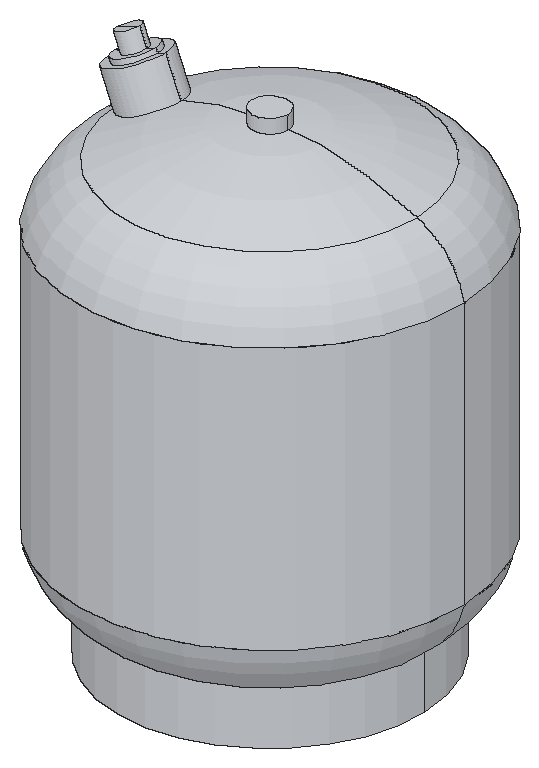
Revit family
Parameters (values of type "ST-30V-C 150# W.P. 10 BAR")
  Weight = "59 lbs"
  Tank Volume = "14 Gal"
  Tank Only = 18.938"
  Tank Height/Length = 20.063"
  Tank Diameter = 16.250"
  Pipe Connector Diameter = Pipe Connection Radius * 2  # 0.750"
  Pipe Connection Radius = 0.375"
  Model = "ST-30V-C"
  Maximum Acceptance Volume = "8.96 Gal"
  Max Operating Temp = "240 DEG F"
  Max Operating Pressure = "150 PSI"
  Manufacturer = "Amtrol"
  Bladder/Diaphragm = "Diaphragm"
  ASME = yes
Types (8): name | Weight | Tank Volume | Tank Only | Tank Height/Length | Model | Maximum Acceptance Volume | Max Operating Pressure
  (no name) | "59 lbs" | "14 Gal" | 18.938" | 20.063" | "ST-30V-C" | "8.96 Gal" | "150 PSI"
  ST-30V-C 150# W.P. 10 BAR | "59 lbs" | "14 Gal" | 18.938" | 20.063" | "ST-30V-C" | "8.96 Gal" | "150 PSI"
  ST-30V-C 175# W.P. | "73 lbs" | "14 Gal" | 18.938" | 20.063" | "ST-30V-C" | "8.96 Gal" | "175 PSI"
  ST-30V-C 250# W.P. | "97 lbs" | "14 Gal" | 18.938" | 20.063" | "ST-30V-C" | "8.96 Gal" | "250 PSI"
  ST-30V-C 300# W.P. | "97 lbs" | "14 Gal" | 18.938" | 20.063" | "ST-30V-C" | "8.96 Gal" | "300 PSI"
  ST-42V-C 150# W.P. 10 BAR | "71 lbs" | "18 Gal" | 24.063" | 25.188" | "ST-42V-C" | "11.16 Gal" | "150 PSI"
  ST-42V-C 175# W.P. | "91 lbs" | "18 Gal" | 24.063" | 25.188" | "ST-42V-C" | "11.7 Gal" | "175 PSI"
  ST-42V-C 250# W.P. | "116 lbs" | "18 Gal" | 24.063" | 25.188" | "ST-42V-C" | "11.7 Gal" | "250 PSI"
Reference planes (in)
  plane 1 "Center (Front/Back)": y = 1.73013
  plane 2: z = 0
  plane 3 "Center (Left/Right)": x = 0.75265
Forms (in)
  Revolve 1, solid
    sketch origin (0, 1.73013, 0) x (1, 0, 0) y (0, 0, 1)
      loop
        line (0.75265, 19.57252) -> (0.75265, 0.63452)
        arc (0.75265, 0.63452) -> (3.879, 1.01029) -> (6.84228, 2.07526) r 14
        arc (6.84228, 2.07526) -> (8.09271, 3.08951) -> (8.78106, 4.54499) r 3.62771
        line (8.78106, 4.54499) -> (8.78106, 15.68774)
        arc (8.78106, 15.68774) -> (8.0807, 17.13238) -> (6.82983, 18.13876) r 3.66308
        arc (6.82983, 18.13876) -> (3.87219, 19.19877) -> (0.75265, 19.57252) r 14
      axis (0.75265, 0.63452) -> (0.75265, 19.57252)
    angle from 0 to 360
  Revolve 2, solid
    sketch origin (0, 1.73013, 0) x (1, 0, 0) y (0, 0, 1)
      loop
        line (-5.62235, 0) -> (-5.51212, 0) -> (-5.51212, 3.13902) -> (-5.62235, 3.13902) -> (-5.62235, 0)
      axis (0.75265, 0) -> (0.75265, 3.13902)
    angle from 0 to 360
  Revolve 3, solid
    sketch origin (0, 1.73013, 0) x (1, 0, 0) y (0, 0, 1)
      loop
        line (-5.07057, 21.00113) -> (-3.95846, 18.24855) -> (-2.7839, 18.7231) -> (-3.53312, 20.57747) -> (-3.87502, 20.43933) -> (-3.94525, 20.61318) -> (-4.31432, 20.46407) -> (-4.60698, 21.18843) -> (-5.07057, 21.00113)
      axis (-5.07057, 21.00113) -> (-3.95846, 18.24855)
    angle from 0 to 360
  Sweep 4, solid
    path origin (0, 1.73013, 0) x (1, 0, 0) y (0, 0, 1)
      loop
        line (0.75265, 19.47438) -> (0.75265, 20.063)
    profile origin (0.75265, 1.73013, 19.76869) x (-1, 0, 0) y (0, -1, 0)
      loop
        circle (0, 0) r 0.75
Dimensions and locks (in)
  "Tank Only": Revolve 1 sketch curve to Revolve 1 sketch curve
  Revolve 1 sketch curve to Revolve 1 sketch curve = 10.33692"
  Revolve 1 sketch curve to level = 0.63452"
  Revolve 3 sketch curve to Revolve 1 = 2.56081"
  Revolve 3 sketch curve to Revolve 1 = 3.03536"
  Revolve 3 sketch curve to Revolve 3 sketch curve = 2.000"
  Revolve 3 sketch curve to Revolve 3 sketch curve = 2.1875"
  Revolve 3 sketch curve to Revolve 3 sketch curve = 2.96875"
  Sweep 4 sketch curve to Revolve 1 = 3.78664"
  "Tank Height/Length": Sweep 4 sketch curve to Revolve 2
  radius of Revolve 1 sketch curve = 14.000"
  radius of Revolve 1 sketch curve = 3.66308"
  aligned and locked: import instance to plane 1 "Center (Front/Back)"
Automatic sketch dimensions
  Revolve 1 sketch curve to plane 3 "Center (Left/Right)" = 0.000"  (x2)
  Revolve 1 sketch curve to level = 0.000"
  Revolve 1 sketch curve to plane 3 "Center (Left/Right)" = 0.09515"
  Revolve 1 sketch curve to plane 3 "Center (Left/Right)" = 0.09693"
  plane 3 "Center (Left/Right)" to Revolve 1 sketch curve = 4.4622"
  plane 3 "Center (Left/Right)" to Revolve 1 sketch curve = 4.48656"
  level to Revolve 1 sketch curve = 2.07526"
  Revolve 1 sketch curve to Revolve 1 sketch curve = 1.60307"
  Revolve 1 sketch curve to Revolve 1 sketch curve = 0.000"
  Revolve 1 sketch curve to Revolve 1 sketch curve = 1.93878"
  Revolve 1 sketch curve to Revolve 1 sketch curve = 2.92748"
  Revolve 2 sketch curve to level = 0.000"  (x2)
  Revolve 2 sketch curve to plane 3 "Center (Left/Right)" = 0.000"
  Revolve 2 sketch curve to plane 3 "Center (Left/Right)" = 6.26477"
  Revolve 2 sketch curve to Revolve 2 sketch curve = 0.11023"
  Revolve 2 sketch curve to Revolve 2 sketch curve = 3.13902"
  Revolve 2 sketch curve to Revolve 2 sketch curve = 4.54499"
  Revolve 3 sketch curve to plane 3 "Center (Left/Right)" = 5.82322"
  Revolve 3 sketch curve to Revolve 3 sketch curve = 0.000"  (x2)
  Revolve 3 sketch curve to Revolve 3 sketch curve = 0.35586"
  Revolve 3 sketch curve to Revolve 3 sketch curve = 0.07024"
  Revolve 3 sketch curve to Revolve 3 sketch curve = 0.10536"
  Revolve 3 sketch curve to Revolve 3 sketch curve = 0.3419"
  Revolve 3 sketch curve to Revolve 3 sketch curve = 0.26077"
  Sweep 4 sketch curve to plane 3 "Center (Left/Right)" = 0.000"
  plane 1 "Center (Front/Back)" to Sweep 4 sketch curve = 0.000"
  Sweep 4 sketch curve to profile plane = 0.000"
  radius of Sweep 4 sketch curve = 0.750"
Connectors (in)
  piping at (0.75265, 1.73013, 20.063), driven by "Pipe Connection Radius"
    settings: on Sweep 4, index 1
